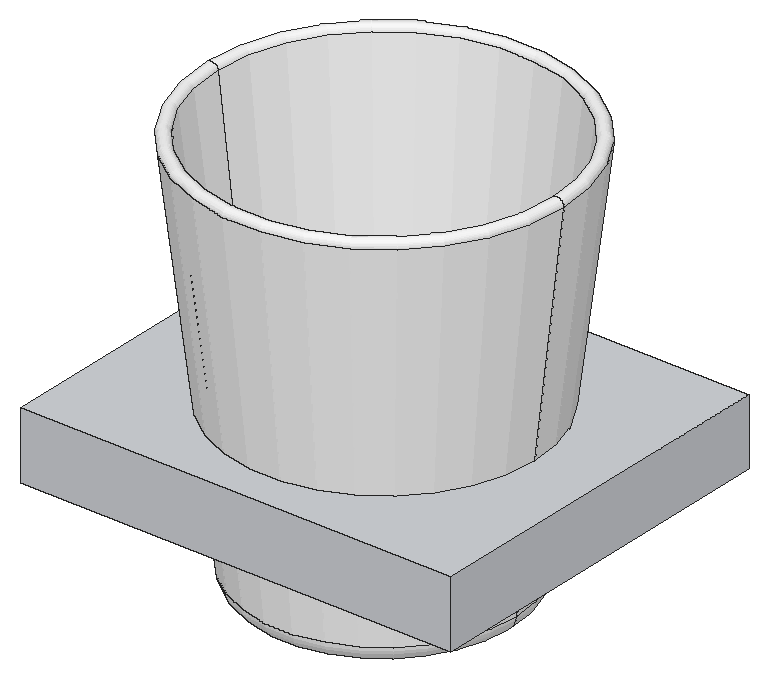
Revit family "LQ6110001_Cepillera Liquid Niquel", category Furniture, host Wall, Revit 2019
Family settings
  Host = Wall
  OmniClass Number = 23.31.25.00
  Always vertical = Yes
  Cut with Voids When Loaded = No
  Shared = No
  Room Calculation Point = No
Parameters (values of type "Niquel")
  Uso = "Residencial"  # constant formula
  URL = "https://corona.co/productos/accesorios/cepillera-liquid-niquel/p/LQ6110001"
  Tecnologías = "DuraCrome"  # constant formula
  Resistencia = "Resistente a la corrosión\r\npelado y decoloración por agua\r\nResistencia al peso general hasta 9 kg\r\nResistencia al peso del toallero barra hasta 23 kg"  # constant formula
  Referencia = "LQ6020001"  # constant formula
  Profundidad = 86.5 mm  # constant formula
  Número de piezas = "6"  # constant formula
  Material = Corona_Niquel
  Manufacturer = "Corona"  # constant formula
  Línea = "Liquid"  # constant formula
  Garantía Acabados = "5 años en acabados"  # constant formula
  Garantía = "30 años en estructura"  # constant formula
  Fecha de creación = "9/10/2020"  # constant formula
  Description = "Los accesorios Liquid Niquel se inspiran en la tensión superficial del agua y en cómo esta crea formas armónicas adaptándose al ambiente. Sistema de fijación oculto, ¡lo que buscabas!"  # constant formula
  Creado por = "IDD"  # constant formula
  Componentes = "Percha - Toallero - Jabonera - Barra - Cepillera - Portarrollo"  # constant formula
  Colección = "Liquid"  # constant formula
  Ancho = 100 mm  # constant formula
  Altura = 900 mm
  Alto = 95 mm  # constant formula
Reference planes
  plane 1 "Wall": y = 0
  plane 2 "Center (Left/Right)": x = 125
  plane 3 "Back": y = 75
  plane 4: z = 900
  plane 5: x = 175
  plane 6: x = 75
  plane 7: z = 947.5
  plane 8: z = 852.5
  plane 9: y = 161.5
Forms (mm)
  Extrusion 1, solid, material "Corona_Niquel" <- "Material", detail levels coarse
    sketch origin (125, 0, 0) x (0, 1, 0) y (0, 0, 1)
      loop
        line (75, 852.5) -> (161.5, 852.5) -> (161.5, 947.5) -> (75, 947.5) -> (75, 852.5)
    from -50 to 50
Text (mm)
  text "Placement Side" at (-1848.837, 1116.779, 0), in view "Ref. Level"
  text "Placement side" at (0, 1409.804, 2854.306), in view "Left"
  text "Placement side" at (0, 499.811, 2980.732), in view "Right"
Dimensions and locks
  locked: plane 3 "Back" to host wall
  equal spacing: plane 8, plane 4, plane 7
  "Alto": plane 8 to plane 7
  equal spacing: plane 6, plane 2 "Center (Left/Right)", plane 5
  "Ancho": plane 6 to plane 5
  "Profundidad": plane 9 to host wall
  plane 4 to plane 8 = 47.5 mm
  "Altura": plane 4 to level
  aligned and locked: plane 1 "Wall" to host wall
  aligned and locked: nested 1 to plane 7
  aligned and locked: nested 3 to plane 7
  aligned and locked: nested 3 to plane 5
  aligned and locked: nested 4 to plane 9
  aligned and locked: nested 4 to plane 5
  aligned and locked: plane 7 to nested 2
  aligned and locked: plane 5 to nested 2
Automatic sketch dimensions
  Extrusion 1 sketch curve to host wall = 0 mm
  Extrusion 1 sketch curve to plane 7 = 0 mm
  Extrusion 1 sketch curve to plane 9 = 0 mm
  Extrusion 1 sketch curve to plane 8 = 0 mm
Nested families
  nested 1: "Lateral" at (125, 75, 852.5) x (0, -1, 0) z (1, 0, 0), type "Lateral"
  nested 2: "Cepillera" at (75, 118.25, 852.5), type "Cepillera"
  nested 3: "Frontal" at (175, 0, 852.5) x (-1, 0, 0) z (0, -1, 0), type "Frontal"
  nested 4: "Planta" at (75, 75, 0), type "Planta"
Definition of nested family "Cepillera"
  Parameters (values of type "Cepillera")
    Profundidad = 86.5 mm
    Material = none
    Ancho = 100 mm
    Alto = 95 mm
  Reference planes
    plane 1 "Center (Front/Back)": y = 0
    plane 2: z = 0
    plane 3 "Center (Left/Right)": x = 0
    plane 4: x = 100
    plane 5: y = 43.25
    plane 6: y = -43.25
    plane 7: z = 95
  Forms (mm)
    Revolve 1, solid, detail levels medium+fine
      sketch origin (0, 0, 0) x (1, 0, 0) y (0, 0, 1)
        loop
          line (50, 0) -> (50, 3) -> (24.218, 3)
          arc (24.218, 3) -> (22.893, 3.502) -> (22.233, 4.756) r 2
          line (22.233, 4.756) -> (11.313, 93.694)
          arc (11.313, 93.694) -> (9.641, 95) -> (8.335, 93.328) r 1.5
          line (8.335, 93.328) -> (19.256, 4.391)
          arc (19.256, 4.391) -> (20.905, 1.255) -> (24.218, 0) r 5
          line (24.218, 0) -> (50, 0)
        axis (50, 93.694) -> (50, 0)
      angle from 0 to 360
    Extrusion 2, solid, material <- "Material", detail levels medium+fine
      sketch origin (0, 0, 0) x (1, 0, 0) y (0, 1, 0)
        loop
          line (0, -43.25) -> (100, -43.25) -> (100, 43.25) -> (0, 43.25) -> (0, -43.25)
        loop
          circle (50, 0) r 35
      from 22.873 to 38.407
  Dimensions and locks
    equal spacing: plane 5, plane 1 "Center (Front/Back)", plane 6
    "Profundidad": plane 5 to plane 6
    "Ancho": plane 3 "Center (Left/Right)" to plane 4
    "Alto": plane 7 to level
    radius of Extrusion 2 sketch curve = 35 mm
    aligned and locked: level to plane 2
  Automatic sketch dimensions
    Revolve 1 sketch curve to Revolve 1 sketch curve = 0 mm  (x5)
    Revolve 1 sketch curve to plane 7 = 1.672 mm
    Revolve 1 sketch curve to level = 0 mm  (x2)
    Revolve 1 sketch curve to plane 7 = 1.489 mm
    Revolve 1 sketch curve to Revolve 1 sketch curve = 1.489 mm
    level to Revolve 1 sketch curve = 4.391 mm
    level to Revolve 1 sketch curve = 4.756 mm
    Revolve 1 sketch curve to Revolve 1 sketch curve = 1.985 mm
    Revolve 1 sketch curve to Revolve 1 sketch curve = 25.782 mm
    Revolve 1 sketch curve to level = 15 mm
    plane 3 "Center (Left/Right)" to Revolve 1 sketch curve = 8.335 mm
    Revolve 1 sketch curve to plane 7 = 1.306 mm
    plane 3 "Center (Left/Right)" to Revolve 1 sketch curve = 19.256 mm
    Revolve 1 sketch curve to Revolve 1 sketch curve = 2.978 mm
    Extrusion 2 sketch curve to plane 3 "Center (Left/Right)" = 0 mm
    Extrusion 2 sketch curve to plane 5 = 43.25 mm
    Extrusion 2 sketch curve to plane 4 = 0 mm
    Extrusion 2 sketch curve to plane 6 = 0 mm
    Extrusion 2 sketch curve to plane 5 = 0 mm
    plane 3 "Center (Left/Right)" to Extrusion 2 sketch curve = 50 mm
Definition of nested family "Lateral"
  Reference planes
    plane 1 "Center (Front/Back)": y = 0
    plane 2: z = 0
    plane 3 "Center (Left/Right)": x = 0
    plane 4: y = 95
    plane 5: x = -86.5
  Lines and regions (mm)
    detail lines, in view "Ref. Level"
      curve 1: line (-86.5, 10, 0) -> (0, 10, 0)
      curve 2: line (-86.5, 30, 0) -> (0, 30, 0)
      curve 3: line (-86.5, 10, 0) -> (-86.5, 30, 0)
      curve 4: line (0, 10, 0) -> (0, 30, 0)
      curve 5: line (-74.774, 0, 0) -> (-11.726, 0, 0)
      curve 6: line (-83.25, 95, 0) -> (-77.45, 30, 0)
      curve 7: line (-3.25, 95, 0) -> (-9.05, 30, 0)
      curve 8: line (-83.25, 95, 0) -> (-3.25, 95, 0)
      curve 9: line (-75.666, 10, 0) -> (-74.774, 0, 0)
      curve 10: line (-10.834, 10, 0) -> (-11.726, 0, 0)
Definition of nested family "Frontal"
  Reference planes
    plane 1 "Center (Front/Back)": y = 0
    plane 2: z = 0
    plane 3 "Center (Left/Right)": x = 0
    plane 4: x = 100
    plane 5: y = 95
  Lines and regions (mm)
    detail lines, in view "Ref. Level"
      curve 1: line (0, 10, 0) -> (100, 10, 0)
      curve 2: line (0, 30, 0) -> (100, 30, 0)
      curve 3: line (0, 10, 0) -> (0, 30, 0)
      curve 4: line (100, 10, 0) -> (100, 30, 0)
      curve 5: line (18.476, 0, 0) -> (81.524, 0, 0)
      curve 6: line (10, 95, 0) -> (15.8, 30, 0)
      curve 7: line (90, 95, 0) -> (84.2, 30, 0)
      curve 8: line (10, 95, 0) -> (90, 95, 0)
      curve 9: line (17.584, 10, 0) -> (18.476, 0, 0)
      curve 10: line (82.416, 10, 0) -> (81.524, 0, 0)
Definition of nested family "Planta"
  Reference planes
    plane 1 "Center (Front/Back)": y = 0
    plane 2: z = 0
    plane 3 "Center (Left/Right)": x = 0
    plane 4: x = 100
    plane 5: y = 86.5
  Lines and regions (mm)
    detail lines, in view "Ref. Level"
      curve 1: line (0, 86.5, 0) -> (100, 86.5, 0)
      curve 2: line (0, 0, 0) -> (0, 86.5, 0)
      curve 3: line (100, 0, 0) -> (0, 0, 0)
      curve 4: line (100, 86.5, 0) -> (100, 0, 0)
      curve 5: circle (50, 43.25, 0) r 35 normal (0, 0, 1)
      curve 6: circle (50, 43.25, 0) r 7.041 normal (0, 0, 1)
      curve 7: line (49, 50.22, 0) -> (49, 70.291, 0)
      curve 8: line (49, 70.291, 0) -> (51, 70.291, 0)
      curve 9: line (51, 70.291, 0) -> (51, 50.22, 0)
      curve 10: arc (49, 53.2, 0) -> (50, 33.25, 0) -> (51, 53.2, 0) r 10
